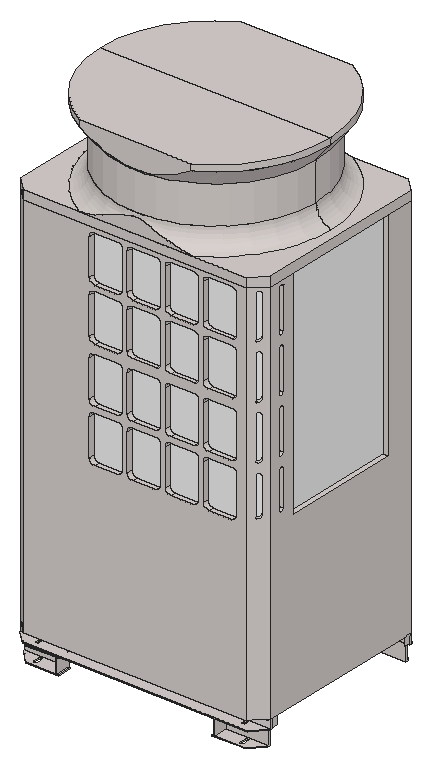
Revit family "PUHY-EM250YNW-A1", category 機械設備, Revit 2016
Family settings
  パーツ タイプ = 標準
  丸型コネクタ寸法 = 半径を使用
  OmniClass 番号 = 23.75.00.00
  OmniClass タイトル = Climate Control (HVAC)
  作業面に基づく = いいえ
  常に垂直 = はい
  ロード時にボイドで切り取り = いいえ
  共有 = いいえ
  部屋の計算ポイント = いいえ
Parameters (values of type "PUHY-EM250YNW-A1_380V_50Hz")
  WarrantyStart = ""
  Temp. range of heating (Outdoor temp.) (W.B.) = "-20.0 to 15.5"
  Temp. range of heating (Indoor temp.) (D.B.) = "15.0 to 27.0"
  Temp. range of cooling (Outdoor temp.) (D.B.) = "-5.0 to 52.0"
  Temp. range of cooling (Indoor temp.) (W.B.) = "15.0 to 24.0"
  TagNumber = 0
  Sound Pressure Level (dB(A)) Heating mode = 61
  Sound Pressure Level (dB(A)) Cooling mode = 60
  SerialNumber = 0
  ReplacementYear = ""
  Rated Load Ampacity (A) Heating mode = 13.3
  Rated Load Ampacity (A) Cooling mode = 12.3
  Protection Devices_High pressure (MPa) = "High pressure sensor, High pressure switch at 4.15"
  Outdoor unit Breaker size (A) = 30
  Note_1 = "Refrigerant pipe diameters may change depending on the installation condition. Please refer to the installation manual."
  モデル = "PUHY-EM250YNW-A1"
  Width = 920.000 mm
  Voltage = 380 V
  Unit Weight (kg) = 228
  URL = "http://www.mitsubishielectric.com/"
  Subcategory = "HVAC"
  Space View = yes
  Refrigerant type = "R32"
  Refrigerant Charge (kg) = 6.5
  Protection Devices_Inverter circuit (COMP./FAN) = "Over-heat protection, Over-current protection"
  Phase = 3
  製造元 = "Mitsubishi Electric Corporation"
  Maximum Circuit Ampacity (A) = 19.5
  Liquid pipe_radius = 4.760 mm
  InstallationDate = ""
  Indoor Unit Total Capacity = "50 to 130% of outdoor unit capacity"
  Indoor Unit Model/Quantity = "M20 to M140/1 to 16 (When connecting the indoor units of M20 or M25, the maximum connectable number of indoor units is 10)"
  Hertz = 50 Hz
  Height = 1858.000 mm
  Heating Power Input (Nominal) (kW) = 5.83
  Heating Power Input (Max) (kW) = 6.92
  Heating Current (Nominal) (A) = 9.8
  Heating Current (Max) (A) = 11.6
  Heating Capacity (Nominal) (kW) = 28
  Heating Capacity (Max) (kW) = 31.5
  Heating COP (Nominal) (kW/kW) = 4.8
  Heating COP (Max)(kW/kW) = 4.55
  Gas pipe_radius = 11.100 mm
  Fan_Type = "Propeller Fan"
  Fan_Quantity = 1
  Fan Motor Output (kW) = 0.92
  External static pressure (Pa) = 0
  External Finish = "Pre-coated galvanized steel sheets (+powder coating for -BS type) <MUNSELL 5Y 8/1 or similar>"
  Equip_description = ""
  Equip_No. = 0
  Equip_ID = ""
  Description = ""
  Depth = 740.000 mm
  CreatedOn = ""
  CreatedBy = ""
  Cooling Power Input (kW) = 6.36
  Cooling EER (kW/kW) = 4.4
  Cooling Current (A) = 10.7
  Cooling Capacity (kW) = 28
  Compressor_Type = "Inverter scroll hermetic compressor"
  Compressor_Quantity = 1
  Compressor_Lubricant = "MEL46EH"
  Compressor Motor Output (kW) = 5.1
  Category = ""
  Barcode = ""
  AssetIdentifier = ""
  Airflow Rate (m3/min) = 185
  Airflow Rate (m3/h) = 11100
Reference planes
  plane 1 "Center (Front/Back)": y = 0
  plane 2: z = 0
  plane 3 "Center (Left/Right)": x = 0
  plane 4 "11": through (-415, 370, 1200) normal (0.7071, -0.7071, 0)
  plane 5 "22": through (-415, -370, 1200) normal (-0.7071, -0.7071, 0)
  plane 6 "44": through (460, 325, 1200) normal (-0.7071, -0.7071, 0)
  plane 7 "33": through (460, -325, 1200) normal (0.7071, -0.7071, 0)
  plane 8: z = 754.5
  plane 9: z = 909.5
  plane 10: x = -300
  plane 11: x = -217
  plane 12: y = 370
  plane 13: y = -370
  plane 14: x = -460
  plane 15: x = 460
  plane 16: z = 1858
Forms (mm)
  Extrusion 1, solid, material "Paint_5Y 8/1"
    sketch origin (0, 0, 113) x (-1, 0, 0) y (0, -1, 0)
      loop
        line (410, -370) -> (460, -320) -> (460, 320) -> (410, 370) -> (-410, 370) -> (-460, 320) -> (-460, -320) -> (-410, -370) -> (410, -370)
    from -18 to 1408
  Extrusion 2, void
    sketch origin (410, -370, 113) x (1, 0, 0) y (0, 0, -1)
      loop
        arc (-55, -1393.5) -> (-40.858, -1387.642) -> (-35, -1373.5) r 20
        line (-35, -1373.5) -> (-35, -1238.676)
        arc (-35, -1238.676) -> (-40.858, -1224.534) -> (-55, -1218.676) r 20
        line (-55, -1218.676) -> (-139.8, -1218.676)
        arc (-139.8, -1218.676) -> (-153.942, -1224.534) -> (-159.8, -1238.676) r 20
        line (-159.8, -1238.676) -> (-159.8, -1373.5)
        arc (-159.8, -1373.5) -> (-153.942, -1387.642) -> (-139.8, -1393.5) r 20
        line (-139.8, -1393.5) -> (-55, -1393.5)
    from 0 to 20
  Extrusion 3, void
    sketch origin (270, -370, 113) x (1, 0, 0) y (0, 0, -1)
      loop
        arc (-55, -1393.5) -> (-40.858, -1387.642) -> (-35, -1373.5) r 20
        line (-35, -1373.5) -> (-35, -1238.676)
        arc (-35, -1238.676) -> (-40.858, -1224.534) -> (-55, -1218.676) r 20
        line (-55, -1218.676) -> (-139.8, -1218.676)
        arc (-139.8, -1218.676) -> (-153.942, -1224.534) -> (-159.8, -1238.676) r 20
        line (-159.8, -1238.676) -> (-159.8, -1373.5)
        arc (-159.8, -1373.5) -> (-153.942, -1387.642) -> (-139.8, -1393.5) r 20
        line (-139.8, -1393.5) -> (-55, -1393.5)
    from 0 to 20
  Extrusion 4, void
    sketch origin (130, -370, 113) x (1, 0, 0) y (0, 0, -1)
      loop
        arc (-55, -1393.5) -> (-40.858, -1387.642) -> (-35, -1373.5) r 20
        line (-35, -1373.5) -> (-35, -1238.676)
        arc (-35, -1238.676) -> (-40.858, -1224.534) -> (-55, -1218.676) r 20
        line (-55, -1218.676) -> (-139.8, -1218.676)
        arc (-139.8, -1218.676) -> (-153.942, -1224.534) -> (-159.8, -1238.676) r 20
        line (-159.8, -1238.676) -> (-159.8, -1373.5)
        arc (-159.8, -1373.5) -> (-153.942, -1387.642) -> (-139.8, -1393.5) r 20
        line (-139.8, -1393.5) -> (-55, -1393.5)
    from 0 to 20
  Extrusion 5, void
    sketch origin (-10, -370, 113) x (1, 0, 0) y (0, 0, -1)
      loop
        arc (-55, -1393.5) -> (-40.858, -1387.642) -> (-35, -1373.5) r 20
        line (-35, -1373.5) -> (-35, -1238.676)
        arc (-35, -1238.676) -> (-40.858, -1224.534) -> (-55, -1218.676) r 20
        line (-55, -1218.676) -> (-139.8, -1218.676)
        arc (-139.8, -1218.676) -> (-153.942, -1224.534) -> (-159.8, -1238.676) r 20
        line (-159.8, -1238.676) -> (-159.8, -1373.5)
        arc (-159.8, -1373.5) -> (-153.942, -1387.642) -> (-139.8, -1393.5) r 20
        line (-139.8, -1393.5) -> (-55, -1393.5)
    from 0 to 20
  Extrusion 6, void
    sketch origin (410, -370, -81) x (1, 0, 0) y (0, 0, -1)
      loop
        arc (-55, -1393.5) -> (-40.858, -1387.642) -> (-35, -1373.5) r 20
        line (-35, -1373.5) -> (-35, -1238.676)
        arc (-35, -1238.676) -> (-40.858, -1224.534) -> (-55, -1218.676) r 20
        line (-55, -1218.676) -> (-139.8, -1218.676)
        arc (-139.8, -1218.676) -> (-153.942, -1224.534) -> (-159.8, -1238.676) r 20
        line (-159.8, -1238.676) -> (-159.8, -1373.5)
        arc (-159.8, -1373.5) -> (-153.942, -1387.642) -> (-139.8, -1393.5) r 20
        line (-139.8, -1393.5) -> (-55, -1393.5)
    from 0 to 20
  Extrusion 7, void
    sketch origin (270, -370, -81) x (1, 0, 0) y (0, 0, -1)
      loop
        arc (-55, -1393.5) -> (-40.858, -1387.642) -> (-35, -1373.5) r 20
        line (-35, -1373.5) -> (-35, -1238.676)
        arc (-35, -1238.676) -> (-40.858, -1224.534) -> (-55, -1218.676) r 20
        line (-55, -1218.676) -> (-139.8, -1218.676)
        arc (-139.8, -1218.676) -> (-153.942, -1224.534) -> (-159.8, -1238.676) r 20
        line (-159.8, -1238.676) -> (-159.8, -1373.5)
        arc (-159.8, -1373.5) -> (-153.942, -1387.642) -> (-139.8, -1393.5) r 20
        line (-139.8, -1393.5) -> (-55, -1393.5)
    from 0 to 20
  Extrusion 8, void
    sketch origin (130, -370, -81) x (1, 0, 0) y (0, 0, -1)
      loop
        arc (-55, -1393.5) -> (-40.858, -1387.642) -> (-35, -1373.5) r 20
        line (-35, -1373.5) -> (-35, -1238.676)
        arc (-35, -1238.676) -> (-40.858, -1224.534) -> (-55, -1218.676) r 20
        line (-55, -1218.676) -> (-139.8, -1218.676)
        arc (-139.8, -1218.676) -> (-153.942, -1224.534) -> (-159.8, -1238.676) r 20
        line (-159.8, -1238.676) -> (-159.8, -1373.5)
        arc (-159.8, -1373.5) -> (-153.942, -1387.642) -> (-139.8, -1393.5) r 20
        line (-139.8, -1393.5) -> (-55, -1393.5)
    from 0 to 20
  Extrusion 9, void
    sketch origin (-10, -370, -81) x (1, 0, 0) y (0, 0, -1)
      loop
        arc (-55, -1393.5) -> (-40.858, -1387.642) -> (-35, -1373.5) r 20
        line (-35, -1373.5) -> (-35, -1238.676)
        arc (-35, -1238.676) -> (-40.858, -1224.534) -> (-55, -1218.676) r 20
        line (-55, -1218.676) -> (-139.8, -1218.676)
        arc (-139.8, -1218.676) -> (-153.942, -1224.534) -> (-159.8, -1238.676) r 20
        line (-159.8, -1238.676) -> (-159.8, -1373.5)
        arc (-159.8, -1373.5) -> (-153.942, -1387.642) -> (-139.8, -1393.5) r 20
        line (-139.8, -1393.5) -> (-55, -1393.5)
    from 0 to 20
  Extrusion 10, void
    sketch origin (410, -370, -287) x (1, 0, 0) y (0, 0, -1)
      loop
        arc (-55, -1393.5) -> (-40.858, -1387.642) -> (-35, -1373.5) r 20
        line (-35, -1373.5) -> (-35, -1238.676)
        arc (-35, -1238.676) -> (-40.858, -1224.534) -> (-55, -1218.676) r 20
        line (-55, -1218.676) -> (-139.8, -1218.676)
        arc (-139.8, -1218.676) -> (-153.942, -1224.534) -> (-159.8, -1238.676) r 20
        line (-159.8, -1238.676) -> (-159.8, -1373.5)
        arc (-159.8, -1373.5) -> (-153.942, -1387.642) -> (-139.8, -1393.5) r 20
        line (-139.8, -1393.5) -> (-55, -1393.5)
    from 0 to 20
  Extrusion 11, void
    sketch origin (270, -370, -287) x (1, 0, 0) y (0, 0, -1)
      loop
        arc (-55, -1393.5) -> (-40.858, -1387.642) -> (-35, -1373.5) r 20
        line (-35, -1373.5) -> (-35, -1238.676)
        arc (-35, -1238.676) -> (-40.858, -1224.534) -> (-55, -1218.676) r 20
        line (-55, -1218.676) -> (-139.8, -1218.676)
        arc (-139.8, -1218.676) -> (-153.942, -1224.534) -> (-159.8, -1238.676) r 20
        line (-159.8, -1238.676) -> (-159.8, -1373.5)
        arc (-159.8, -1373.5) -> (-153.942, -1387.642) -> (-139.8, -1393.5) r 20
        line (-139.8, -1393.5) -> (-55, -1393.5)
    from 0 to 20
  Extrusion 12, void
    sketch origin (130, -370, -287) x (1, 0, 0) y (0, 0, -1)
      loop
        arc (-55, -1393.5) -> (-40.858, -1387.642) -> (-35, -1373.5) r 20
        line (-35, -1373.5) -> (-35, -1238.676)
        arc (-35, -1238.676) -> (-40.858, -1224.534) -> (-55, -1218.676) r 20
        line (-55, -1218.676) -> (-139.8, -1218.676)
        arc (-139.8, -1218.676) -> (-153.942, -1224.534) -> (-159.8, -1238.676) r 20
        line (-159.8, -1238.676) -> (-159.8, -1373.5)
        arc (-159.8, -1373.5) -> (-153.942, -1387.642) -> (-139.8, -1393.5) r 20
        line (-139.8, -1393.5) -> (-55, -1393.5)
    from 0 to 20
  Extrusion 13, void
    sketch origin (-10, -370, -287) x (1, 0, 0) y (0, 0, -1)
      loop
        arc (-55, -1393.5) -> (-40.858, -1387.642) -> (-35, -1373.5) r 20
        line (-35, -1373.5) -> (-35, -1238.676)
        arc (-35, -1238.676) -> (-40.858, -1224.534) -> (-55, -1218.676) r 20
        line (-55, -1218.676) -> (-139.8, -1218.676)
        arc (-139.8, -1218.676) -> (-153.942, -1224.534) -> (-159.8, -1238.676) r 20
        line (-159.8, -1238.676) -> (-159.8, -1373.5)
        arc (-159.8, -1373.5) -> (-153.942, -1387.642) -> (-139.8, -1393.5) r 20
        line (-139.8, -1393.5) -> (-55, -1393.5)
    from 0 to 20
  Extrusion 14, void
    sketch origin (410, -370, -481) x (1, 0, 0) y (0, 0, -1)
      loop
        arc (-55, -1393.5) -> (-40.858, -1387.642) -> (-35, -1373.5) r 20
        line (-35, -1373.5) -> (-35, -1238.676)
        arc (-35, -1238.676) -> (-40.858, -1224.534) -> (-55, -1218.676) r 20
        line (-55, -1218.676) -> (-139.8, -1218.676)
        arc (-139.8, -1218.676) -> (-153.942, -1224.534) -> (-159.8, -1238.676) r 20
        line (-159.8, -1238.676) -> (-159.8, -1373.5)
        arc (-159.8, -1373.5) -> (-153.942, -1387.642) -> (-139.8, -1393.5) r 20
        line (-139.8, -1393.5) -> (-55, -1393.5)
    from 0 to 20
  Extrusion 15, void
    sketch origin (270, -370, -481) x (1, 0, 0) y (0, 0, -1)
      loop
        arc (-55, -1393.5) -> (-40.858, -1387.642) -> (-35, -1373.5) r 20
        line (-35, -1373.5) -> (-35, -1238.676)
        arc (-35, -1238.676) -> (-40.858, -1224.534) -> (-55, -1218.676) r 20
        line (-55, -1218.676) -> (-139.8, -1218.676)
        arc (-139.8, -1218.676) -> (-153.942, -1224.534) -> (-159.8, -1238.676) r 20
        line (-159.8, -1238.676) -> (-159.8, -1373.5)
        arc (-159.8, -1373.5) -> (-153.942, -1387.642) -> (-139.8, -1393.5) r 20
        line (-139.8, -1393.5) -> (-55, -1393.5)
    from 0 to 20
  Extrusion 16, void
    sketch origin (130, -370, -481) x (1, 0, 0) y (0, 0, -1)
      loop
        arc (-55, -1393.5) -> (-40.858, -1387.642) -> (-35, -1373.5) r 20
        line (-35, -1373.5) -> (-35, -1238.676)
        arc (-35, -1238.676) -> (-40.858, -1224.534) -> (-55, -1218.676) r 20
        line (-55, -1218.676) -> (-139.8, -1218.676)
        arc (-139.8, -1218.676) -> (-153.942, -1224.534) -> (-159.8, -1238.676) r 20
        line (-159.8, -1238.676) -> (-159.8, -1373.5)
        arc (-159.8, -1373.5) -> (-153.942, -1387.642) -> (-139.8, -1393.5) r 20
        line (-139.8, -1393.5) -> (-55, -1393.5)
    from 0 to 20
  Extrusion 17, void
    sketch origin (-10, -370, -481) x (1, 0, 0) y (0, 0, -1)
      loop
        arc (-55, -1393.5) -> (-40.858, -1387.642) -> (-35, -1373.5) r 20
        line (-35, -1373.5) -> (-35, -1238.676)
        arc (-35, -1238.676) -> (-40.858, -1224.534) -> (-55, -1218.676) r 20
        line (-55, -1218.676) -> (-139.8, -1218.676)
        arc (-139.8, -1218.676) -> (-153.942, -1224.534) -> (-159.8, -1238.676) r 20
        line (-159.8, -1238.676) -> (-159.8, -1373.5)
        arc (-159.8, -1373.5) -> (-153.942, -1387.642) -> (-139.8, -1393.5) r 20
        line (-139.8, -1393.5) -> (-55, -1393.5)
    from 0 to 20
  Extrusion 18, solid
    sketch origin (0, -189, -3) x (0, 0, -1) y (-1, 0, 0)
      loop
        circle (-179, 217) r 11.1
    from 0 to 150
  Extrusion 19, solid
    sketch origin (0, -172, -3) x (0, 0, -1) y (-1, 0, 0)
      loop
        circle (-179, 300) r 4.76
    from 0 to 150
  Extrusion 20, void
    sketch origin (-460, -320, 113) x (0, -1, 0) y (0, 0, -1)
      loop
        line (-611.5, -1236.511) -> (-611.5, -1386.5)
        arc (-611.5, -1386.5) -> (-601.5, -1396.5) -> (-591.5, -1386.5) r 10
        line (-591.5, -1386.5) -> (-591.5, -1236.511)
        arc (-591.5, -1236.511) -> (-601.5, -1226.511) -> (-611.5, -1236.511) r 10
    from 0 to 20
  Extrusion 21, void
    sketch origin (-460, -320, -87.006) x (0, -1, 0) y (0, 0, -1)
      loop
        line (-611.5, -1236.511) -> (-611.5, -1386.5)
        arc (-611.5, -1386.5) -> (-601.5, -1396.5) -> (-591.5, -1386.5) r 10
        line (-591.5, -1386.5) -> (-591.5, -1236.511)
        arc (-591.5, -1236.511) -> (-601.5, -1226.511) -> (-611.5, -1236.511) r 10
    from 0 to 20
  Extrusion 22, void
    sketch origin (-460, -320, -287.006) x (0, -1, 0) y (0, 0, -1)
      loop
        line (-611.5, -1236.511) -> (-611.5, -1386.5)
        arc (-611.5, -1386.5) -> (-601.5, -1396.5) -> (-591.5, -1386.5) r 10
        line (-591.5, -1386.5) -> (-591.5, -1236.511)
        arc (-591.5, -1236.511) -> (-601.5, -1226.511) -> (-611.5, -1236.511) r 10
    from 0 to 20
  Extrusion 23, void
    sketch origin (-460, -320, -479.506) x (0, -1, 0) y (0, 0, -1)
      loop
        line (-611.5, -1244.006) -> (-611.5, -1379.006)
        arc (-611.5, -1379.006) -> (-601.5, -1389.006) -> (-591.5, -1379.006) r 10
        line (-591.5, -1379.006) -> (-591.5, -1244.006)
        arc (-591.5, -1244.006) -> (-601.5, -1234.006) -> (-611.5, -1244.006) r 10
    from 0 to 20
  Extrusion 24, void
    sketch origin (-460, -320, 113) x (0, -1, 0) y (0, 0, -1)
      loop
        line (-543, -1408) -> (-215, -1408) -> (-215, -632) -> (-543, -632) -> (-543, -1408)
    from 0 to 20
  Extrusion 25, void
    sketch origin (-410, 370, 113) x (0.707107, 0.707107, 0) y (0, 0, 1)
      loop
        line (-27.158, 1236.539) -> (-27.158, 1386.461)
        arc (-27.158, 1386.461) -> (-37.158, 1396.461) -> (-47.158, 1386.461) r 10
        line (-47.158, 1386.461) -> (-47.158, 1236.539)
        arc (-47.158, 1236.539) -> (-37.158, 1226.539) -> (-27.158, 1236.539) r 10
      loop
        line (-27.158, 1036.539) -> (-27.158, 1186.461)
        arc (-27.158, 1186.461) -> (-37.158, 1196.461) -> (-47.158, 1186.461) r 10
        line (-47.158, 1186.461) -> (-47.158, 1036.539)
        arc (-47.158, 1036.539) -> (-37.158, 1026.539) -> (-27.158, 1036.539) r 10
      loop
        line (-27.158, 836.539) -> (-27.158, 986.461)
        arc (-27.158, 986.461) -> (-37.158, 996.461) -> (-47.158, 986.461) r 10
        line (-47.158, 986.461) -> (-47.158, 836.539)
        arc (-47.158, 836.539) -> (-37.158, 826.539) -> (-27.158, 836.539) r 10
      loop
        line (-27.158, 652.5) -> (-27.158, 785.5)
        arc (-27.158, 785.5) -> (-37.158, 795.5) -> (-47.158, 785.5) r 10
        line (-47.158, 785.5) -> (-47.158, 652.5)
        arc (-47.158, 652.5) -> (-37.158, 642.5) -> (-27.158, 652.5) r 10
    from 0 to 20
  Extrusion 26, void
    sketch origin (460, -320, 113) x (0.707107, 0.707107, 0) y (0, 0, -1)
      loop
        arc (-25.5, -1236.423) -> (-35.5, -1226.423) -> (-45.5, -1236.423) r 10
        line (-45.5, -1236.423) -> (-45.5, -1386.487)
        arc (-45.5, -1386.487) -> (-35.5, -1396.487) -> (-25.5, -1386.487) r 10
        line (-25.5, -1386.487) -> (-25.5, -1236.423)
    from 0 to 20
  Extrusion 27, void
    sketch origin (460, -320, -86.884) x (0.707107, 0.707107, 0) y (0, 0, -1)
      loop
        arc (-25.5, -1236.423) -> (-35.5, -1226.423) -> (-45.5, -1236.423) r 10
        line (-45.5, -1236.423) -> (-45.5, -1386.487)
        arc (-45.5, -1386.487) -> (-35.5, -1396.487) -> (-25.5, -1386.487) r 10
        line (-25.5, -1386.487) -> (-25.5, -1236.423)
    from 0 to 20
  Extrusion 28, void
    sketch origin (460, -320, -286.884) x (0.707107, 0.707107, 0) y (0, 0, -1)
      loop
        arc (-25.5, -1236.423) -> (-35.5, -1226.423) -> (-45.5, -1236.423) r 10
        line (-45.5, -1236.423) -> (-45.5, -1386.487)
        arc (-45.5, -1386.487) -> (-35.5, -1396.487) -> (-25.5, -1386.487) r 10
        line (-25.5, -1386.487) -> (-25.5, -1236.423)
    from 0 to 20
  Extrusion 29, void
    sketch origin (460, -320, -487.987) x (0.707107, 0.707107, 0) y (0, 0, -1)
      loop
        arc (-25.5, -1253.487) -> (-35.5, -1243.487) -> (-45.5, -1253.487) r 10
        line (-45.5, -1253.487) -> (-45.5, -1386.487)
        arc (-45.5, -1386.487) -> (-35.5, -1396.487) -> (-25.5, -1386.487) r 10
        line (-25.5, -1386.487) -> (-25.5, -1253.487)
    from 0 to 20
  Extrusion 30, void
    sketch origin (460, 320, 113) x (0, 1, 0) y (0, 0, -1)
      loop
        line (-604, -1236.423) -> (-604, -1386.487)
        arc (-604, -1386.487) -> (-594, -1396.487) -> (-584, -1386.487) r 10
        line (-584, -1386.487) -> (-584, -1236.423)
        arc (-584, -1236.423) -> (-594, -1226.423) -> (-604, -1236.423) r 10
      loop
        line (-604, -1036.539) -> (-604, -1186.603)
        arc (-604, -1186.603) -> (-594, -1196.603) -> (-584, -1186.603) r 10
        line (-584, -1186.603) -> (-584, -1036.539)
        arc (-584, -1036.539) -> (-594, -1026.539) -> (-604, -1036.539) r 10
      loop
        line (-604, -836.539) -> (-604, -986.603)
        arc (-604, -986.603) -> (-594, -996.603) -> (-584, -986.603) r 10
        line (-584, -986.603) -> (-584, -836.539)
        arc (-584, -836.539) -> (-594, -826.539) -> (-604, -836.539) r 10
      loop
        line (-604, -652.5) -> (-604, -785.5)
        arc (-604, -785.5) -> (-594, -795.5) -> (-584, -785.5) r 10
        line (-584, -785.5) -> (-584, -652.5)
        arc (-584, -652.5) -> (-594, -642.5) -> (-604, -652.5) r 10
    from 0 to 20
  Extrusion 31, void
    sketch origin (460, 320, 113) x (0, 1, 0) y (0, 0, -1)
      loop
        line (-542, -1408) -> (-100, -1408) -> (-100, -611.5) -> (-542, -611.5) -> (-542, -1408)
    from 0 to 20
  Extrusion 32, void
    sketch origin (-410, 370, 113) x (-1, 0, 0) y (0, 0, -1)
      loop
        line (-718, -1408) -> (-47, -1408) -> (-47, -613) -> (-718, -613) -> (-718, -1408)
    from 0 to 20
Cuts and joins
  Extrusion 2, Extrusion 3, Extrusion 4, Extrusion 5, Extrusion 6, Extrusion 7, Extrusion 8, Extrusion 9, Extrusion 10, Extrusion 11, Extrusion 12, Extrusion 13, Extrusion 14, Extrusion 15, Extrusion 16, Extrusion 17, Extrusion 20, Extrusion 21, Extrusion 22, Extrusion 23, Extrusion 24, Extrusion 25, Extrusion 26, Extrusion 27, Extrusion 28, Extrusion 29, Extrusion 30, Extrusion 31, Extrusion 32 cuts Extrusion 1
Lines and regions (mm)
  model lines
    curve 1: line (-390, -370, 716) -> (390, -370, 716)
    curve 2: line (-390, -370, 1521) -> (-390, -370, 95)
    curve 3: line (390, -370, 1521) -> (390, -370, 95)
    curve 4: line (-172, -370, 95) -> (-172, -370, 207.5)
    curve 5: line (390, -370, 224.5) -> (199, -370, 224.5)
    curve 6: line (172, -370, 197.5) -> (172, -370, 95)
    curve 7: arc (-189, -370, 224.5) -> (-176.979, -370, 219.521) -> (-172, -370, 207.5) r 17
    curve 8: arc (199, -370, 224.5) -> (179.908, -370, 216.592) -> (172, -370, 197.5) r 27
    curve 9: line (-192, -291, 95) -> (-322, -291, 95)
    curve 10: line (-182, -207, 95) -> (-182, -281, 95)
    curve 11: line (-322, -197, 95) -> (-192, -197, 95)
    curve 12: line (-332, -281, 95) -> (-332, -207, 95)
    curve 13: arc (-332, -281, 95) -> (-329.071, -288.071, 95) -> (-322, -291, 95) r 10
    curve 14: arc (-192, -291, 95) -> (-184.929, -288.071, 95) -> (-182, -281, 95) r 10
    curve 15: arc (-182, -207, 95) -> (-184.929, -199.929, 95) -> (-192, -197, 95) r 10
    curve 16: arc (-322, -197, 95) -> (-329.071, -199.929, 95) -> (-332, -207, 95) r 10
    curve 25: line (-219, -370, 1521) -> (-219, -370, 716)
    curve 26: line (-189, -370, 224.5) -> (-390, -370, 224.5)
    curve 27: circle (308, -185, 95) r 26 normal (0, 0, 1)
    curve 28: circle (288, -260, 95) r 32.5 normal (0, 0, 1)
    curve 29: circle (244, -204, 95) r 17 normal (0, 0, 1)
    curve 30: line (-460, 243, 1521) -> (-460, 243, 95)
    curve 31: line (-460, 243, 705) -> (-460, -155, 705)
    curve 32: line (-460, -155, 95) -> (-460, -155, 1521)
    curve 33: line (-460, 223, 1521) -> (-460, 223, 705)
    curve 34: line (-460, -105, 1521) -> (-460, -105, 705)
    curve 35: line (-460, -95.983, 267.745) -> (-460, 184, 267.745)
    curve 36: line (-460, 184, 247.745) -> (-460, -95.983, 247.745)
    curve 37: arc (-460, -95.983, 247.745) -> (-460, -105.983, 257.745) -> (-460, -95.983, 267.745) r 10
    curve 38: arc (-460, 184, 267.745) -> (-460, 194, 257.745) -> (-460, 184, 247.745) r 10
    curve 39: line (-460, -95.983, 372.745) -> (-460, 184, 372.745)
    curve 40: line (-460, 184, 352.745) -> (-460, -95.983, 352.745)
    curve 41: arc (-460, -95.983, 352.745) -> (-460, -105.983, 362.745) -> (-460, -95.983, 372.745) r 10
    curve 42: arc (-460, 184, 372.745) -> (-460, 194, 362.745) -> (-460, 184, 352.745) r 10
    curve 43: line (-460, -95.983, 477.745) -> (-460, 184, 477.745)
    curve 44: line (-460, 184, 457.745) -> (-460, -95.983, 457.745)
    curve 45: arc (-460, -95.983, 457.745) -> (-460, -105.983, 467.745) -> (-460, -95.983, 477.745) r 10
    curve 46: arc (-460, 184, 477.745) -> (-460, 194, 467.745) -> (-460, 184, 457.745) r 10
    curve 47: line (-460, -95.983, 582.745) -> (-460, 184, 582.745)
    curve 48: line (-460, 184, 562.745) -> (-460, -95.983, 562.745)
    curve 49: arc (-460, -95.983, 562.745) -> (-460, -105.983, 572.745) -> (-460, -95.983, 582.745) r 10
    curve 50: arc (-460, 184, 582.745) -> (-460, 194, 572.745) -> (-460, 184, 562.745) r 10
    curve 51: line (-110, -370, 269) -> (110, -370, 269)
    curve 52: line (110, -370, 249) -> (-110, -370, 249)
    curve 53: arc (-120, -370, 259) -> (-117.071, -370, 266.071) -> (-110, -370, 269) r 10
    curve 54: arc (-110, -370, 249) -> (-117.071, -370, 251.929) -> (-120, -370, 259) r 10
    curve 55: arc (110, -370, 269) -> (117.071, -370, 266.071) -> (120, -370, 259) r 10
    curve 56: arc (120, -370, 259) -> (117.071, -370, 251.929) -> (110, -370, 249) r 10
    curve 57: line (-222.5, -370, 584) -> (222.5, -370, 584)
    curve 58: line (222.5, -370, 564) -> (-222.5, -370, 564)
    curve 59: arc (-222.5, -370, 584) -> (-229.571, -370, 581.071) -> (-232.5, -370, 574) r 10
    curve 60: arc (222.5, -370, 584) -> (229.571, -370, 581.071) -> (232.5, -370, 574) r 10
    curve 61: arc (232.5, -370, 574) -> (229.571, -370, 566.929) -> (222.5, -370, 564) r 10
    curve 62: arc (-222.5, -370, 564) -> (-229.571, -370, 566.929) -> (-232.5, -370, 574) r 10
    curve 63: line (-222.5, -370, 479) -> (222.5, -370, 479)
    curve 64: line (222.5, -370, 459) -> (-222.5, -370, 459)
    curve 65: arc (-222.5, -370, 479) -> (-229.571, -370, 476.071) -> (-232.5, -370, 469) r 10
    curve 66: arc (222.5, -370, 479) -> (229.571, -370, 476.071) -> (232.5, -370, 469) r 10
    curve 67: arc (232.5, -370, 469) -> (229.571, -370, 461.929) -> (222.5, -370, 459) r 10
    curve 68: arc (-222.5, -370, 459) -> (-229.571, -370, 461.929) -> (-232.5, -370, 469) r 10
    curve 69: line (-222.5, -370, 374) -> (222.5, -370, 374)
    curve 70: line (222.5, -370, 354) -> (-222.5, -370, 354)
    curve 71: arc (-222.5, -370, 374) -> (-229.571, -370, 371.071) -> (-232.5, -370, 364) r 10
    curve 72: arc (222.5, -370, 374) -> (229.571, -370, 371.071) -> (232.5, -370, 364) r 10
    curve 73: arc (232.5, -370, 364) -> (229.571, -370, 356.929) -> (222.5, -370, 354) r 10
    curve 74: arc (-222.5, -370, 354) -> (-229.571, -370, 356.929) -> (-232.5, -370, 364) r 10
    curve 75: line (460, -237.5, 1521) -> (460, -237.5, 95)
    curve 76: line (460, -237.5, 705) -> (460, 236.5, 705)
    curve 77: line (460, -237.5, 724.5) -> (460, 236.5, 724.5)
    curve 78: line (460, 236.5, 1521) -> (460, 236.5, 95)
    curve 79: line (327.5, 370, 1521) -> (327.5, 370, 95)
    curve 80: line (308, 370, 1521) -> (308, 370, 706)
    curve 81: line (327.5, 370, 706) -> (-382.5, 370, 706)
    curve 82: line (-382.5, 370, 1521) -> (-382.5, 370, 95)
    curve 83: line (-363, 370, 1521) -> (-363, 370, 706)
    curve 84: line (460, -140.491, 267.745) -> (460, 139.491, 267.745)
    curve 85: line (460, 139.491, 247.745) -> (460, -140.491, 247.745)
    curve 86: arc (460, -140.491, 247.745) -> (460, -150.491, 257.745) -> (460, -140.491, 267.745) r 10
    curve 87: arc (460, 139.491, 267.745) -> (460, 149.491, 257.745) -> (460, 139.491, 247.745) r 10
    curve 88: line (460, -140.491, 372.745) -> (460, 139.491, 372.745)
    curve 89: line (460, 139.491, 352.745) -> (460, -140.491, 352.745)
    curve 90: arc (460, -140.491, 352.745) -> (460, -150.491, 362.745) -> (460, -140.491, 372.745) r 10
    curve 91: arc (460, 139.491, 372.745) -> (460, 149.491, 362.745) -> (460, 139.491, 352.745) r 10
    curve 92: line (460, -140.491, 477.745) -> (460, 139.491, 477.745)
    curve 93: line (460, 139.491, 457.745) -> (460, -140.491, 457.745)
    curve 94: arc (460, -140.491, 457.745) -> (460, -150.491, 467.745) -> (460, -140.491, 477.745) r 10
    curve 95: arc (460, 139.491, 477.745) -> (460, 149.491, 467.745) -> (460, 139.491, 457.745) r 10
    curve 96: line (460, -140.491, 582.745) -> (460, 139.491, 582.745)
    curve 97: line (460, 139.491, 562.745) -> (460, -140.491, 562.745)
    curve 98: arc (460, -140.491, 562.745) -> (460, -150.491, 572.745) -> (460, -140.491, 582.745) r 10
    curve 99: arc (460, 139.491, 582.745) -> (460, 149.491, 572.745) -> (460, 139.491, 562.745) r 10
    curve 100: line (-222.5, 370, 584) -> (222.5, 370, 584)
    curve 101: line (222.5, 370, 564) -> (-222.5, 370, 564)
    curve 102: arc (-222.5, 370, 584) -> (-229.571, 370, 581.071) -> (-232.5, 370, 574) r 10
    curve 103: arc (222.5, 370, 584) -> (229.571, 370, 581.071) -> (232.5, 370, 574) r 10
    curve 104: arc (232.5, 370, 574) -> (229.571, 370, 566.929) -> (222.5, 370, 564) r 10
    curve 105: arc (-222.5, 370, 564) -> (-229.571, 370, 566.929) -> (-232.5, 370, 574) r 10
    curve 106: line (-222.5, 370, 479) -> (222.5, 370, 479)
    curve 107: line (222.5, 370, 459) -> (-222.5, 370, 459)
    curve 108: arc (-222.5, 370, 479) -> (-229.571, 370, 476.071) -> (-232.5, 370, 469) r 10
    curve 109: arc (222.5, 370, 479) -> (229.571, 370, 476.071) -> (232.5, 370, 469) r 10
    curve 110: arc (232.5, 370, 469) -> (229.571, 370, 461.929) -> (222.5, 370, 459) r 10
    curve 111: arc (-222.5, 370, 459) -> (-229.571, 370, 461.929) -> (-232.5, 370, 469) r 10
    curve 112: line (-222.5, 370, 374) -> (222.5, 370, 374)
    curve 113: line (222.5, 370, 354) -> (-222.5, 370, 354)
    curve 114: arc (-222.5, 370, 374) -> (-229.571, 370, 371.071) -> (-232.5, 370, 364) r 10
    curve 115: arc (222.5, 370, 374) -> (229.571, 370, 371.071) -> (232.5, 370, 364) r 10
    curve 116: arc (232.5, 370, 364) -> (229.571, 370, 356.929) -> (222.5, 370, 354) r 10
    curve 117: arc (-222.5, 370, 354) -> (-229.571, 370, 356.929) -> (-232.5, 370, 364) r 10
    curve 118: line (-222.5, 370, 269) -> (222.5, 370, 269)
    curve 119: line (222.5, 370, 249) -> (-222.5, 370, 249)
    curve 120: arc (-222.5, 370, 269) -> (-229.571, 370, 266.071) -> (-232.5, 370, 259) r 10
    curve 121: arc (222.5, 370, 269) -> (229.571, 370, 266.071) -> (232.5, 370, 259) r 10
    curve 122: arc (232.5, 370, 259) -> (229.571, 370, 251.929) -> (222.5, 370, 249) r 10
    curve 123: arc (-222.5, 370, 249) -> (-229.571, 370, 251.929) -> (-232.5, 370, 259) r 10
    curve 124: line (-325, -370, 131) -> (-197, -370, 131)
    curve 125: line (-335, -370, 205) -> (-335, -370, 141)
    curve 126: line (-197, -370, 215) -> (-325, -370, 215)
    curve 127: line (-187, -370, 141) -> (-187, -370, 205)
    curve 128: arc (-335, -370, 205) -> (-332.071, -370, 212.071) -> (-325, -370, 215) r 10
    curve 129: arc (-197, -370, 215) -> (-189.929, -370, 212.071) -> (-187, -370, 205) r 10
    curve 130: arc (-335, -370, 141) -> (-332.071, -370, 133.929) -> (-325, -370, 131) r 10
    curve 131: arc (-197, -370, 131) -> (-189.929, -370, 133.929) -> (-187, -370, 141) r 10
    curve 132: circle (328, -370, 170) r 20 normal (0, -1, 0)
    curve 133: circle (328, -370, 170) r 32.5 normal (0, -1, 0)
    curve 134: circle (253, -370, 185) r 13.5 normal (0, -1, 0)
    curve 135: circle (253, -370, 185) r 26 normal (0, -1, 0)
    curve 136: circle (204, -370, 150) r 17 normal (0, -1, 0)
  model lines, not visible
    curve 17: line (487.5, -370, 703) -> (492.5, -370, 703)
    curve 18: line (477.5, -370, 363) -> (477.5, -370, 693)
    curve 19: line (492.5, -370, 353) -> (487.5, -370, 353)
    curve 20: line (502.5, -370, 693) -> (502.5, -370, 363)
    curve 21: arc (487.5, -370, 703) -> (480.429, -370, 700.071) -> (477.5, -370, 693) r 10
    curve 22: arc (492.5, -370, 703) -> (499.571, -370, 700.071) -> (502.5, -370, 693) r 10
    curve 23: arc (502.5, -370, 363) -> (499.571, -370, 355.929) -> (492.5, -370, 353) r 10
    curve 24: arc (477.5, -370, 363) -> (480.429, -370, 355.929) -> (487.5, -370, 353) r 10
Dimensions and locks
  nested 1 to level = 1858.000 mm
  nested 1 to nested 1 = 303.000 mm
  nested 5 to nested 5 = 60.000 mm
  nested 1 to nested 2 = 1495.000 mm
  Extrusion 1 to Extrusion 1 = 920.000 mm
  Extrusion 2 sketch curve to Extrusion 2 sketch curve = 174.824 mm
  Extrusion 3 sketch curve to Extrusion 3 sketch curve = 174.824 mm
  equal spacing: group 5, group 4, group 3, group 2
  equal spacing: group 2, group 3, group 4, group 5  (x2)
  Extrusion 4 sketch curve to Extrusion 4 sketch curve = 174.824 mm
  Extrusion 5 sketch curve to Extrusion 5 sketch curve = 174.824 mm
  Extrusion 6 sketch curve to Extrusion 6 sketch curve = 174.824 mm
  Extrusion 7 sketch curve to Extrusion 7 sketch curve = 174.824 mm
  Extrusion 8 sketch curve to Extrusion 8 sketch curve = 174.824 mm
  Extrusion 9 sketch curve to Extrusion 9 sketch curve = 174.824 mm
  Extrusion 10 sketch curve to Extrusion 10 sketch curve = 174.824 mm
  Extrusion 11 sketch curve to Extrusion 11 sketch curve = 174.824 mm
  Extrusion 12 sketch curve to Extrusion 12 sketch curve = 174.824 mm
  Extrusion 13 sketch curve to Extrusion 13 sketch curve = 174.824 mm
  Extrusion 14 sketch curve to Extrusion 14 sketch curve = 174.824 mm
  Extrusion 15 sketch curve to Extrusion 15 sketch curve = 174.824 mm
  Extrusion 16 sketch curve to Extrusion 16 sketch curve = 174.824 mm
  Extrusion 17 sketch curve to Extrusion 17 sketch curve = 174.824 mm
  cut or joined group 1 (Extrusion 1, Extrusion 2, Extrusion 3, Extrusion 4, Extrusion 5, Extrusion 6, Extrusion 7, Extrusion 8, Extrusion 9, Extrusion 10, Extrusion 11, Extrusion 12, Extrusion 13, Extrusion 14, Extrusion 15, Extrusion 16, Extrusion 17, Extrusion 20, Extrusion 21, Extrusion 22, Extrusion 23, Extrusion 24, Extrusion 25, Extrusion 26, Extrusion 27, Extrusion 28, Extrusion 29, Extrusion 30, Extrusion 31, Extrusion 32) to cut or joined group 1 = 820.000 mm
  cut or joined group 1 to cut or joined group 1 = 920.000 mm
  cut or joined group 1 to cut or joined group 1 = 740.000 mm
  nested 5 to cut or joined group 1 = 80.000 mm
  cut or joined group 1 to nested 4 to nested 5 = 80.000 mm, 760.000 mm
  cut or joined group 1 to nested 2 = 29.500 mm
  cut or joined group 1 to nested 3 to nested 2 = 29.500 mm, 681.000 mm
  cut or joined group 1 to cut or joined group 1 = 35.000 mm
  plane 6 "44" to cut or joined group 1 = 3.536 mm
  Extrusion 25 sketch curve to Extrusion 25 sketch curve = 20.000 mm
  cut or joined group 1 to cut or joined group 1 = 50.000 mm
  locked: Extrusion 19 to nested 2 at 116
  curve 136 to nested 2 = 90.000 mm
  curve 134 to nested 2 = 125.000 mm
  curve 132 to nested 2 = 110.000 mm
  cut or joined group 1 to curve 132 = 132.000 mm
  cut or joined group 1 to curve 134 = 207.000 mm
  cut or joined group 1 to curve 136 = 256.000 mm
  cut or joined group 1 to curve 125 to curve 127 = 125.000 mm, 148.000 mm
  curve 126 to curve 124 to nested 2 = 84.000 mm, 71.000 mm
  cut or joined group 1 to Extrusion 19 = 198.000 mm
  cut or joined group 1 to Extrusion 18 = 181.000 mm
  cut or joined group 1 to curve 29 = 166.000 mm
  cut or joined group 1 to curve 27 = 185.000 mm
  cut or joined group 1 to curve 28 = 110.000 mm
  curve 27 to cut or joined group 1 = 152.000 mm
  curve 28 to cut or joined group 1 = 172.000 mm
  curve 29 to cut or joined group 1 = 216.000 mm
  cut or joined group 1 to curve 9 to curve 11 = 79.000 mm, 94.000 mm
  cut or joined group 1 to curve 12 to curve 10 = 128.000 mm, 150.000 mm
  cut or joined group 1 to plane 10 = 160.000 mm
  cut or joined group 1 to plane 11 = 243.000 mm
  nested 4 to nested 4 = 60.000 mm
  cut or joined group 1 to nested 2 = 32.000 mm
  nested 4 to nested 4 = 56.000 mm
  nested 2 to nested 2 to nested 2 = 20.000 mm, 54.000 mm
  nested 3 to nested 2 = 592.000 mm
  nested 3 to nested 3 = 20.000 mm
  aligned and locked: level to plane 2
  aligned and locked: nested 2 to nested 4
  aligned and locked: nested 2 to nested 5
Nested families
  nested 1: "FAN GUARD" at (0, 0, 861), WIDTH <- "Width", type "FAN GUARD"
    with WIDTH 920.000 mm
  nested 2: "BASE LEG" at (0, -352, 60), Width <- "Width", type "BASE LEG"
    with Width 920.000 mm
  nested 3: "BASE LEG" at (0, 352, 60), Width <- "Width", type "BASE LEG"
    with Width 920.000 mm
  nested 4: "ATTACHMENT LEG" at (-374, -349, 0), type "ATTACHMENT LEG"
  nested 5: "ATTACHMENT LEG" at (374, -349, 0) x (-1, 0, 0) z (0, 0, 1), type "ATTACHMENT LEG"
  nested 6: "ATTACHMENT LEG" at (-374, 349, 0), type "ATTACHMENT LEG"
  nested 7: "ATTACHMENT LEG" at (374, 349, 0) x (-1, 0, 0) z (0, 0, 1), type "ATTACHMENT LEG"
Connectors
  piping at (-217, -189, 176), diameter 22.2, driven by "Gas pipe_radius"
    settings: on Extrusion 18, index 3, connector inside diameter 22.2 mm, connector length 0.000 mm, flow factor 0, pipe flow 0.0 L/s, pressure drop 0.0 Pa, fitting loss kfactor 0, connector angle 0.00°, fixture units 0, engagement length 0.000 mm, angle of deflection 0.00°, flow configuration 0, flow direction 0, fitting loss method 0, system type 22, joint type 0, gender type 0, connector reference index -1, connector utility 0, adjustable connector no, is connector primary yes, connector description "Refrigerant service valve (gas)"
  piping at (-300, -172, 176), diameter 9.52, driven by "Liquid pipe_radius"
    settings: on Extrusion 19, index 4, connector inside diameter 9.52 mm, connector length 0.000 mm, flow factor 0, pipe flow 0.0 L/s, pressure drop 0.0 Pa, fitting loss kfactor 0, connector angle 0.00°, fixture units 0, engagement length 0.000 mm, angle of deflection 0.00°, flow configuration 0, flow direction 0, fitting loss method 0, system type 22, joint type 0, gender type 0, connector reference index -1, connector utility 0, adjustable connector no, is connector primary no, connector description "Refrigerant service valve (Liquid)"
  electrical at (0, -370, 808), driven by "Phase", driven by "Voltage"
    settings: on cut or joined group 1, index 5, voltage 380 V, apparent load 0 VA, apparent load phase1 0 VA, apparent load phase2 0 VA, apparent load phase3 0 VA, power factor 1, load classification "HVAC", number of poles 3, system type 30, power factor state 1, is connector primary yes, connector utility no, sub classification motor no, connector description ""
Definition of nested family "FAN GUARD"
  Parameters
    WIDTH [instance] = 920.000 mm
  Reference planes
    plane 1 "中心(正面/背面)": y = 0
    plane 2: z = 0
    plane 3 "中心(左/右)": x = 0
    plane 4 "ファンガード基準面": z = 660
    plane 5: y = 370
    plane 6: y = -370
    plane 7: x = 460
    plane 8: x = -460
    plane 9 "ファンガード基準上面": z = 694
    plane 10 "ファンガード上面": z = 997
  Forms (mm)
    Extrusion 1, solid
      sketch origin (0, 0, 660) x (-1, 0, 0) y (0, -1, 0)
        loop
          line (410, -370) -> (460, -320) -> (460, 320) -> (410, 370) -> (-410, 370) -> (-460, 320) -> (-460, -320) -> (-410, -370) -> (410, -370)
      from 0 to 34
    Revolve 2, solid
      sketch origin (0, 0, 0) x (1, 0, 0) y (0, 0, 1)
        loop
          line (0, 694) -> (0, 997) -> (-423, 997) -> (-423, 973) -> (-368.829, 903.664) -> (-368.829, 764.141)
          arc (-368.829, 764.141) -> (-384.109, 719.678) -> (-423.494, 694) r 72.332
          line (-423.494, 694) -> (0, 694)
        axis (0, 997) -> (0, 694)
      angle from 0 to 360
    Extrusion 3, void
      sketch origin (0, 0, 694) x (-1, 0, 0) y (0, -1, 0)
        loop
          line (345, -370) -> (-345, -370) -> (-345, -545) -> (345, -545) -> (345, -370)
        loop
          line (345, 370) -> (345, 539.592) -> (-345, 539.592) -> (-345, 370) -> (345, 370)
      from 0 to 400
  Cuts and joins
    Extrusion 3 cuts Revolve 2
  Lines and regions (mm)
    model lines
      curve 1: line (-423, 0, 997) -> (-80, 0, 997)
      curve 2: line (80, 0, 997) -> (423, 0, 997)
      curve 3: circle (0, 0, 997) r 80 normal (0, 0, 1)
      curve 4: line (-415.366, -80, 997) -> (415.366, -80, 997)
      curve 5: line (-391.572, -160, 997) -> (391.572, -160, 997)
      curve 6: line (-348.323, -240, 997) -> (348.323, -240, 997)
      curve 7: line (-276.639, -320, 997) -> (276.639, -320, 997)
      curve 8: line (-415.366, 80, 997) -> (415.366, 80, 997)
      curve 9: line (-391.572, 160, 997) -> (391.572, 160, 997)
      curve 10: line (-348.323, 240, 997) -> (348.323, 240, 997)
      curve 11: line (-276.639, 320, 997) -> (276.639, 320, 997)
      curve 12: line (0, 370, 997) -> (0, -370, 997)
      curve 13: line (-20, 370, 997) -> (-20, -370, 997)
      curve 14: line (-40, 370, 997) -> (-40, -370, 997)
      curve 15: line (-60, 370, 997) -> (-60, -370, 997)
      curve 16: line (-80, 370, 997) -> (-80, -370, 997)
      curve 17: line (20, 370, 997) -> (20, -370, 997)
      curve 18: line (40, 370, 997) -> (40, -370, 997)
      curve 19: line (60, 370, 997) -> (60, -370, 997)
      curve 20: line (80, 370, 997) -> (80, -370, 997)
      curve 21: line (100, 370, 997) -> (100, -370, 997)
      curve 22: line (120, 370, 997) -> (120, -370, 997)
      curve 23: line (140, 370, 997) -> (140, -370, 997)
      curve 24: line (160, 370, 997) -> (160, -370, 997)
      curve 25: line (180, 370, 997) -> (180, -370, 997)
      curve 26: line (200, 370, 997) -> (200, -370, 997)
      curve 27: line (220, 361.288, 997) -> (220, -361.288, 997)
      curve 28: line (240, 348.323, 997) -> (240, -348.323, 997)
      curve 29: line (260, 333.66, 997) -> (260, -333.66, 997)
      curve 30: line (280, 317.063, 997) -> (280, -317.063, 997)
      curve 31: line (300, 298.21, 997) -> (300, -298.21, 997)
      curve 32: line (320, 276.639, 997) -> (320, -276.639, 997)
      curve 33: line (340, 251.653, 997) -> (340, -251.653, 997)
      curve 34: line (360, 222.101, 997) -> (360, -222.101, 997)
      curve 35: line (380, 185.82, 997) -> (380, -185.82, 997)
      curve 36: line (400, 137.583, 997) -> (400, -137.583, 997)
      curve 37: line (420, 50.289, 997) -> (420, -50.289, 997)
      curve 38: line (-100, 370, 997) -> (-100, -370, 997)
      curve 39: line (-120, 370, 997) -> (-120, -370, 997)
      curve 40: line (-140, 370, 997) -> (-140, -370, 997)
      curve 41: line (-160, 370, 997) -> (-160, -370, 997)
      curve 42: line (-180, 370, 997) -> (-180, -370, 997)
      curve 43: line (-200, 370, 997) -> (-200, -370, 997)
      curve 44: line (-220, 361.288, 997) -> (-220, -361.288, 997)
      curve 45: line (-240, 348.323, 997) -> (-240, -348.323, 997)
      curve 46: line (-260, 333.66, 997) -> (-260, -333.66, 997)
      curve 47: line (-280, 317.063, 997) -> (-280, -317.063, 997)
      curve 48: line (-300, 298.21, 997) -> (-300, -298.21, 997)
      curve 49: line (-320, 276.639, 997) -> (-320, -276.639, 997)
      curve 50: line (-340, 251.653, 997) -> (-340, -251.653, 997)
      curve 51: line (-360, 222.101, 997) -> (-360, -222.101, 997)
      curve 52: line (-380, 185.82, 997) -> (-380, -185.82, 997)
      curve 53: line (-400, 137.583, 997) -> (-400, -137.583, 997)
      curve 54: line (-420, 50.289, 997) -> (-420, -50.289, 997)
      curve 55: line (10, 79.373, 997) -> (10, -79.373, 997)
      curve 56: line (-10, 79.373, 997) -> (-10, -79.373, 997)
      curve 57: line (30, 74.162, 997) -> (30, -74.162, 997)
      curve 58: line (50, 62.45, 997) -> (50, -62.45, 997)
      curve 59: line (70, 38.73, 997) -> (70, -38.73, 997)
      curve 60: line (-30, 74.162, 997) -> (-30, -74.162, 997)
      curve 61: line (-50, 62.45, 997) -> (-50, -62.45, 997)
      curve 62: line (-70, 38.73, 997) -> (-70, -38.73, 997)
  Dimensions and locks
    "WIDTH": plane 8 to plane 7
    locked: plane 6 to plane 5 at 740
    equal spacing: plane 8, plane 3 "中心(左/右)", plane 7
    equal spacing: plane 6, plane 1 "中心(正面/背面)", plane 5
    plane 3 "中心(左/右)" to Revolve 2 sketch curve = 423.000 mm
